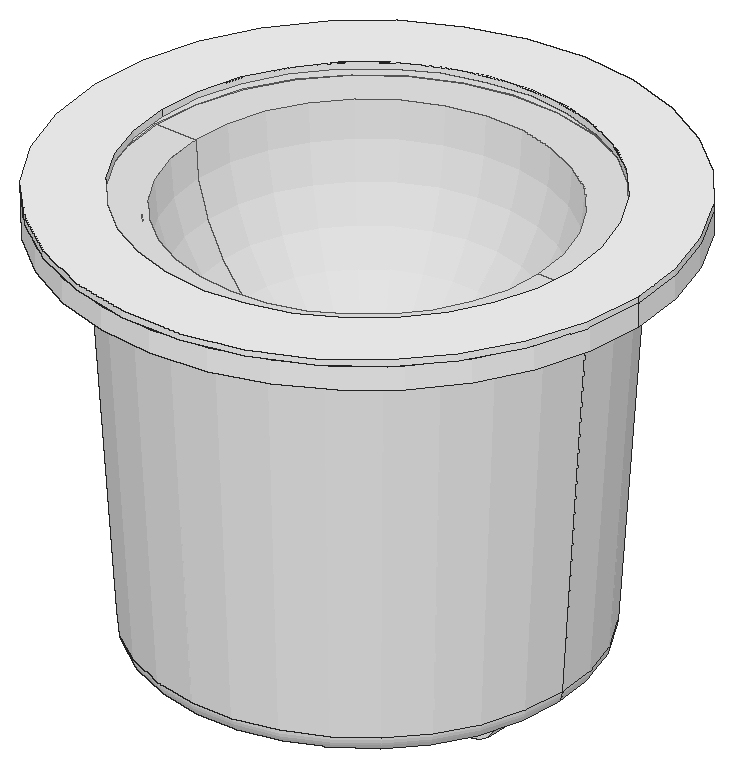
Revit family "2058910", category Lighting Fixtures, host Face, Revit 2018
Family settings
  Host = Face
  Round Connector Dimension = Use Diameter
  Part Type = Normal
  OmniClass Number = 23.80.70.11.17
  OmniClass Title = Specialized Lighting by Location or Use
  Cut with Voids When Loaded = No
  Light Source = Yes
  Shared = No
  Room Calculation Point = No
Parameters (values of type "2058910 MYRIAD DECO IP65 SP 3K PHD EM SI CBEZ")
  Weight = "n/a"
  Wattage = 15 W
  WarrantyStartDate [instance] = "n/a"
  WarrantyGuarantorParts = "n/a"
  WarrantyDurationUnit = "n/a"
  WarrantyDurationParts = ""
  WarrantyDescription = "http://www.sylvania-lighting.com"
  built-in parameter 1150110 = 1 (stored number, unit not read)
  Voltage = 230 V
  URL = "0"
  TypeName = "MYRIAD DECO IP65 SPOT 3000K PHDM EM SILVER CBEZ"
  Type Image = 0
  Type Comments = ""
  built-in parameter 1114217 = 1 (stored number, unit not read)
  Tilt Angle = -90°
  built-in parameter 1150109 = 1 (stored number, unit not read)
  built-in parameter 1150134 = (empty or 0)
  built-in parameter 1150113 = 1 (stored number, unit not read)
  SerialNumber [instance] = "n/a"
  Reflector Radius = Cutout Diameter / 2 - 2.5 mm  # 35.0 mm
  Reflector Material = Aluminum_Sylvania_Myriad_Bright
  Recessed Depth = Height  # 72.0 mm
  PowerFactor = 0
  PowerConsumption = "Lighting"
  Photometric Web File = "2058910.ies"
  NominalWidth = 0.0 mm
  NominalLength = 76.0 mm
  NominalHeight = 72.0 mm
  Name = "MYRIAD DECO IP65 SPOT 3000K PHDM EM SILVER CBEZ"
  ModelReference = "MYRIAD DECO IP65 SPOT 3000K PHDM EM SILVER CBEZ"
  ModelNumber = "2058910"
  Material = "Feilo Sylvania"
  ManufacturerName = "92 lm/W"
  LuminousEfficacy = ""
  LuminaireType = "0"
  LightOutputRatio = "LED"
  LampsType = Lamp  # "n/a"
  LampNominalLuminous = "3000 K"
  LampMacAdamStep = "90"
  LampColourTemperature = "LED"
  LampColourRenderingIndex = "16500"
  Keynote = "n/a"
  Keynote_2 = "16500"
  InstallationDate [instance] = "n/a"
  InputVoltage = "0"
  InputNominalFrequency = "3000"
  IngressProtection = "IfcLightFixtureType"
  ImpactProtectionIndex = "IfcLightFixtureType"
  IfcExportType = "IfcLightFixtureType"
  IfcExportAs = "Class II"
  Height = 72.0 mm  # constant formula
  ExpectedLife = 50000
  Emit from Circle Diameter = Accessory Inner Diameter 2  # 68.0 mm
  Emit Shape Visible in Rendering = no
  ElectricShockClassification = "92"
  DurationUnit = "hours"
  DocumentationLiterature = "http://www.sylvania-lighting.com/product/en-int/products/2058910"
  DimmingControlOptions = "n/a"
  Diffuser Material = Glass_Sylvania_Myriad_Clear_4000K
  Diffuser Diameter = Cutout Diameter  # 75.0 mm
  Cutout Diameter = 75.0 mm  # constant formula
  CreatedOn = "03/02/2022"
  CreatedBy = "@sylvania-lighting.com"
  Cost = 0
  built-in parameter 1114216 [instance] = 1 (stored number, unit not read)
  Model = "MYRIAD DECO IP65 SPOT 3000K PHDM EM SILVER CBEZ"
  Manufacturer = "Feilo Sylvania"  # constant formula
  built-in parameter 1150105 = 83.556 (stored number, unit not read)
  Lumens = 1050 lm
  built-in parameter 1150115 = 1 (stored number, unit not read)
  built-in parameter 1150137 = (empty or 0)
  built-in parameter 1150139 = (empty or 0)
  built-in parameter 1150112 = 1 (stored number, unit not read)
  built-in parameter 1150114 = 1 (stored number, unit not read)
  Lamp = "n/a"
  built-in parameter 1150132 = (empty or 0)
  built-in parameter 1150102 = (empty or 0)
  built-in parameter 1150107 = 2700 (stored number, unit not read)
  built-in parameter 1150138 = (empty or 0)
  built-in parameter 1150106 = 0.83556 (stored number, unit not read)
  built-in parameter 1150104 = 6.5032 (stored number, unit not read)
  Dimming Lamp Color Temperature Shift = <None>
  Description = "Supplied complete with electronic control gear Compact Fluorescent low energy downlight Emergency version passes through the cut out Ideal for low level orientation lighting New range of Architectural accessories each providing a different lit dimension New completely flush plaster up accessory ring for clean ceiling lines and smooth finish Order lamp separately"  # constant formula
  Default Elevation = 0.0 mm
  Color Filter = 16777215
  built-in parameter 1140040 [instance] = 1
  Body Radius = Reflector Radius + 1.5 mm  # 36.5 mm
  Body Material = Aluminum_Sylvania_Myriad_Gray
  BarCode [instance] = "n/a"
  built-in parameter 1114218 = 1 (stored number, unit not read)
  built-in parameter 1150133 = 10 (stored number, unit not read)
  AssetType = "Fixed"
  AssetIdentifier [instance] = "n/a"
  Assembly Code = "D5020200"
  Apparent Load = 12 VA
  Accessory Material = Aluminum_Sylvania_Myriad_White
  Accessory Inner Diameter 2 = Accessory Diameter - 22.0 mm  # 68.0 mm
  Accessory Inner Diameter 1 = Accessory Diameter - 2.0 mm  # 88.0 mm
  Accessory Diameter = Cutout Diameter + 15.0 mm  # 90.0 mm
Reference planes
  plane 1 "Center (Front/Back)": y = 0
  plane 2: z = 0
  plane 3 "Center (Left/Right)": x = 0
  plane 4: z = 2
  plane 5 "Fixture Bottom": z = 4.5
  plane 6: z = -28.5
  plane 7: z = -61.5
  plane 8 "Fixture Top": z = -67.5
  plane 9: z = 3.5
Forms (mm)
  Revolve 1, solid, material "Aluminum_Sylvania_Myriad_Bright" <- "Reflector Material", detail levels fine
    sketch origin (0, 0, 0) x (1, 0, 0) y (0, 0, 1)
      loop
        line (0, -27.515) -> (-6, -27.515)
        arc (-6, -27.515) -> (-22.333, -16.632) -> (-28.5, 2) r 30.135
        line (-28.5, 2) -> (-35, 2) -> (-35, 0) -> (-29.184, 0)
        arc (-29.184, 0) -> (-22.423, -18.18) -> (-6, -28.5) r 30.204
        line (-6, -28.5) -> (0, -28.5) -> (0, -27.515)
      axis (0, -28.5) -> (0, 2)
    angle from 0 to 360
  Revolve 2, solid, material "Aluminum_Sylvania_Myriad_Gray" <- "Body Material", detail levels fine
    sketch origin (0, 0, 0) x (1, 0, 0) y (0, 0, 1)
      loop
        line (-44, 2) -> (-44, 0) -> (-36.5, 0) -> (-32.42, -58.708)
        arc (-32.42, -58.708) -> (-31.474, -60.694) -> (-29.428, -61.5) r 3
        line (-29.428, -61.5) -> (0, -61.5) -> (0, -28.5) -> (-6, -28.5)
        arc (-6, -28.5) -> (-22.423, -18.18) -> (-29.184, 0) r 30.204
        line (-29.184, 0) -> (-35, 0) -> (-35, 2) -> (-44, 2)
      axis (0, 2) -> (0, -61.5)
    angle from 0 to 360
  Extrusion 3, solid, material "Aluminum_Sylvania_Myriad_Gray" <- "Body Material", detail levels fine
    sketch origin (0, 0, 0) x (1, 0, 0) y (0, 0, 1)
      loop
        line (-13.5, -67.5) -> (21, -67.5)
        arc (21, -67.5) -> (23.828, -66.328) -> (25, -63.5) r 4
        line (25, -63.5) -> (25, -61.5) -> (-17.5, -61.5) -> (-17.5, -63.5)
        arc (-17.5, -63.5) -> (-16.328, -66.328) -> (-13.5, -67.5) r 4
    from -4.5 to 4.5
  Extrusion 4, solid, material "Aluminum_Sylvania_Myriad_White" <- "Accessory Material", detail levels fine
    sketch origin (0, 0, 0) x (1, 0, 0) y (0, 1, 0)
      loop
        circle (0, 0) r 45
      loop
        circle (0, 0) r 44
    from 0 to 3.5
  Extrusion 5, solid, material "Aluminum_Sylvania_Myriad_White" <- "Accessory Material", detail levels fine
    sketch origin (0, 0, 0) x (1, 0, 0) y (0, 1, 0)
      loop
        circle (0, 0) r 45
      loop
        circle (0, 0) r 34
    from 3.5 to 4.5
  Extrusion 6, solid, material "Aluminum_Sylvania_Myriad_White" <- "Accessory Material", detail levels coarse+medium
    sketch origin (0, 0, 0) x (1, 0, 0) y (0, 1, 0)
      loop
        circle (0, 0) r 45
    from 0 to 4.5
  Revolve 7, solid, detail levels coarse+medium
    sketch origin (0, 0, 0) x (1, 0, 0) y (0, 0, 1)
      loop
        line (36.5, 0) -> (0, 0) -> (0, -61.5) -> (32.226, -61.5) -> (36.5, 0)
      axis (0, 0) -> (0, -61.5)
    angle from 0 to 360
  Extrusion 8, void
    sketch origin (0, 0, 0) x (1, 0, 0) y (0, 1, 0)
      loop
        circle (0, 0) r 37.5
    from -67.5 to 0
  Extrusion 9, solid, material "Glass_Sylvania_Myriad_Clear_4000K" <- "Diffuser Material", detail levels fine
    sketch origin (0, 0, 0) x (1, 0, 0) y (0, 1, 0)
      loop
        circle (0, 0) r 37.5
    from 2 to 3.5
Cuts and joins
  joined: Extrusion 4, Extrusion 5
Lines and regions (mm)
  Masking region 1
    outline origin (0, 0, 0) x (1, 0, 0) y (0, 1, 0)
      loop
        circle (0, 0) r 45
  symbolic lines
    curve 1: arc (-34, 0, 0) -> (0, 34, 0) -> (34, 0, 0) r 34
    curve 2: arc (34, 0, 0) -> (0, -34, 0) -> (-34, 0, 0) r 34
Dimensions and locks
  locked: plane 7 to plane 8 "Fixture Top" at 6
  "Body Radius": Revolve 7 sketch curve to plane 3 "Center (Left/Right)"
  locked: Revolve 7 sketch curve to Revolve 7 sketch curve at 4.274
  plane 5 "Fixture Bottom" to plane 9 to plane 4 to plane 2 to plane 6 = 1.0 mm locked, 1.5 mm locked, 2.0 mm locked, 28.5 mm locked
  "Reflector Radius": Revolve 1 sketch curve to plane 3 "Center (Left/Right)"
  Revolve 1 sketch curve to Revolve 1 sketch curve to Revolve 1 sketch curve to Revolve 1 sketch curve = 6.5 mm locked, 22.5 mm locked, 0.0 mm locked
  "Reflector Radius": plane 3 "Center (Left/Right)" to Revolve 2 sketch curve
  Revolve 2 sketch curve to Revolve 2 sketch curve to Revolve 2 sketch curve = 7.5 mm locked, 1.5 mm locked
  Revolve 2 sketch curve to Revolve 2 sketch curve to Revolve 2 sketch curve = 5.816 mm locked, 23.184 mm locked
  Revolve 2 sketch curve to Revolve 2 sketch curve to Revolve 2 sketch curve = 2.58 mm locked, 2.993 mm locked
  "Accessory Diameter": diameter of Extrusion 4 sketch curve
  "Accessory Inner Diameter 1": diameter of Extrusion 4 sketch curve
  "Accessory Diameter": diameter of Extrusion 5 sketch curve
  "Accessory Diameter": diameter of Extrusion 6 sketch curve
  "Cutout Diameter": diameter of Extrusion 8 sketch curve
  "Accessory Inner Diameter 2": diameter of Extrusion 5 sketch curve
  "Diffuser Diameter": diameter of Extrusion 9 sketch curve
  aligned and locked: plane 2 to host face
  aligned and locked: level to host face
  aligned and locked: plane 1 "Center (Front/Back)" to imposter light
  aligned and locked: plane 3 "Center (Left/Right)" to imposter light
  aligned and locked: Revolve 1 sketch curve to imposter light
  aligned and locked: Extrusion 3 sketch curve to plane 8 "Fixture Top"
  aligned and locked: plane 7 to Extrusion 3 sketch curve
  aligned and locked: Extrusion 4 to plane 2
  aligned and locked: plane 9 to Extrusion 4
  aligned and locked: Extrusion 5 to plane 9
  aligned and locked: plane 5 "Fixture Bottom" to Extrusion 5
  aligned and locked: Extrusion 6 to plane 2
  aligned and locked: plane 5 "Fixture Bottom" to Extrusion 6
  aligned and locked: Extrusion 8 to plane 8 "Fixture Top"
  aligned and locked: plane 2 to Extrusion 8
  aligned and locked: Masking region 1 sketch curve to Extrusion 6  (x2)
  aligned and locked: Extrusion 9 to plane 4
  aligned and locked: plane 9 to Extrusion 9
  aligned and locked: plane 4 to Revolve 2 sketch curve
  aligned and locked: Revolve 2 sketch curve to plane 2
  aligned and locked: curve 1 to cut or joined group of Extrusion 4, Extrusion 5
  aligned and locked: curve 2 to cut or joined group of Extrusion 4, Extrusion 5
  aligned and locked: imposter light to plane 5 "Fixture Bottom"
Automatic sketch dimensions
  host sketch curve to host sketch curve = 1305.563 mm
  host sketch curve to host sketch curve = 1283.632 mm
  Extrusion 3 sketch curve to plane 7 = 2.0 mm
  Extrusion 3 sketch curve to plane 3 "Center (Left/Right)" = 13.5 mm
  plane 3 "Center (Left/Right)" to Extrusion 3 sketch curve = 21.0 mm
  Extrusion 3 sketch curve to Extrusion 3 sketch curve = 4.0 mm
  Revolve 1 sketch curve to level = 0.0 mm
  Revolve 1 sketch curve to plane 3 "Center (Left/Right)" = 0.0 mm
  Revolve 1 sketch curve to plane 6 = 0.0 mm
  Revolve 1 sketch curve to plane 4 = 0.0 mm
  Revolve 1 sketch curve to Revolve 1 sketch curve = 0.684 mm
  level to Revolve 1 sketch curve = 0.88 mm
  Revolve 1 sketch curve to plane 4 = 0.363 mm
  Revolve 1 sketch curve to Revolve 1 sketch curve = 0.625 mm
  Revolve 1 sketch curve to plane 8 "Fixture Top" = 232.8 mm
  plane 5 "Fixture Bottom" to Revolve 1 sketch curve = 291.243 mm
  Revolve 2 sketch curve to plane 3 "Center (Left/Right)" = 0.0 mm  (x2)
  Revolve 2 sketch curve to plane 7 = 0.0 mm
  Revolve 2 sketch curve to plane 6 = 0.0 mm
  Revolve 2 sketch curve to level = 0.0 mm
  level to Revolve 2 sketch curve = 0.88 mm
  plane 7 to Revolve 2 sketch curve = 2.792 mm
  Revolve 2 sketch curve to plane 8 "Fixture Top" = 304.774 mm
  plane 5 "Fixture Bottom" to Revolve 2 sketch curve = 1137.105 mm
  Extrusion 4 sketch curve to Extrusion 4 sketch curve = 0.0 mm  (x2)
  plane 1 "Center (Front/Back)" to Extrusion 4 sketch curve = 0.0 mm
  Extrusion 4 sketch curve to plane 3 "Center (Left/Right)" = 0.0 mm
  Extrusion 5 sketch curve to Extrusion 5 sketch curve = 0.0 mm  (x2)
  plane 1 "Center (Front/Back)" to Extrusion 5 sketch curve = 0.0 mm
  Extrusion 5 sketch curve to plane 3 "Center (Left/Right)" = 0.0 mm
  plane 1 "Center (Front/Back)" to Extrusion 6 sketch curve = 0.0 mm
  Extrusion 6 sketch curve to plane 3 "Center (Left/Right)" = 0.0 mm
  Revolve 7 sketch curve to level = 0.0 mm
  Revolve 7 sketch curve to plane 3 "Center (Left/Right)" = 0.0 mm  (x2)
  Revolve 7 sketch curve to plane 7 = 0.0 mm
  Revolve 7 sketch curve to plane 8 "Fixture Top" = 304.774 mm
  plane 5 "Fixture Bottom" to Revolve 7 sketch curve = 43.226 mm
  plane 1 "Center (Front/Back)" to Extrusion 8 sketch curve = 0.0 mm
  Extrusion 8 sketch curve to plane 3 "Center (Left/Right)" = 0.0 mm
  plane 1 "Center (Front/Back)" to Extrusion 9 sketch curve = 0.0 mm
  Extrusion 9 sketch curve to plane 3 "Center (Left/Right)" = 0.0 mm
Connectors
  electrical at (-0.006, -0.019, -67.5), driven by "Apparent Load", driven by "Apparent Load"
    settings: on plane 8 "Fixture Top", index 1, voltage 230 V, apparent load 12 VA, apparent load phase1 12 VA, apparent load phase2 0 VA, apparent load phase3 0 VA, power factor 1, load classification "Lighting", number of poles 1, system type 30, power factor state 1, is connector primary yes, connector utility no, sub classification motor no, connector description ""
